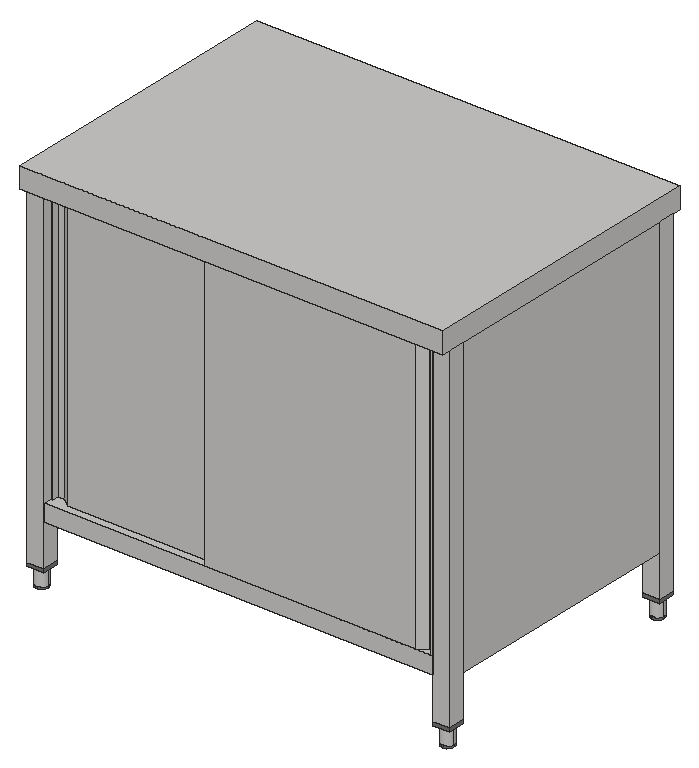
Revit family "QF_ELECTROLUXPROFESSIONAL_134027_GTN1000E", category Attrezzature speciali, Revit 2020
Family settings
  Quota connettore circolare = Usa diametro
  Tipo di parte = Normale
  Basato su piano di lavoro = No
  Sempre verticale = Sì
  Taglio con vuoti quando caricato = No
  Condiviso = No
  Punto di calcolo locali = No
Parameters (values of type "Standard")
  Weight = 56.00 kg
  Watts = 0 W
  Volts = 0 V
  URL Manufacturer = "https://www.electroluxprofessional.com/"
  URL = "https://www.electroluxprofessional.com/"
  Steam Supply Size = 0 mm
  Steam Supply Minimum Pressure = 0.0 Pa
  Steam Supply Maximum Pressure = 0.0 Pa
  Steam Consumption per Hour = 0
  Refrigeration Suction Line Size = 0.0 mm
  Refrigeration Liquid Line Size = 0.0 mm
  Refrigerant Compressor Remote = yes
  Prospetto di default = 0.0 mm
  Produttore = "Electrolux Professional"
  Phase = 0
  Modello = "GTN1000E"
  Length Actual = 1000.0 mm  # constant formula
  Item Number = "134027"
  Hot Water Size = 0 mm
  Height Actual = 900.0 mm  # constant formula
  HP = "0 HP"
  Gas Size = 0 mm
  Gas KW = 0
  Gas Input Pressure = 0 W
  Direct Waste Size = 0 mm
  Descrizione = "WORKTOP CUPBOARD 1000 MM"
  Depth Actual = 700.0 mm  # constant formula
  Cycle = 0 Hz
  Condensate Return Size = 0 mm
  Compressed Air Volume = 0.0 L/s
  Compressed Air Size = 0 mm
  Compressed Air Pressure = 0.0 Pa
  Cold Water Size = 0 mm
  Accessory = yes
Reference planes
  plane 1 "Center (Front/Back)": y = 0
  plane 2: z = 0
  plane 3 "Center (Left/Right)": x = 0
  plane 4 "LEFT": x = -500
  plane 5 "RIGHT": x = 500
  plane 6 "BACK": y = 350
  plane 7 "FRONT": y = -350
  plane 8 "Base": z = 850
  plane 9 "TOP": z = 900
  plane 10: x = -480
  plane 11: x = 480
  plane 12: y = 310
  plane 13: y = -310
  plane 14 "BodyLeft": x = -500
  plane 15 "BodyFront": y = -330
  plane 16 "BodyRight": x = 500
  plane 17 "BodyBack": y = 330
  plane 18 "FEET": z = 150
  plane 19: x = 80
  plane 20: x = -80
Forms (mm)
  Extrusion 1, solid, material "QF_Finishes_Stainless Steel"
    sketch origin (0, 0, 0) x (0, 1, 0) y (0, 0, 1)
      loop
        line (-350, 850) -> (350, 850) -> (350, 900) -> (-350, 900) -> (-350, 850)
    from 500 to -500
  Extrusion 2, solid, material "QF_Finishes_Stainless Steel"
    sketch origin (0, 0, 150) x (-1, 0, 0) y (0, -1, 0)
      loop
        line (500, -290) -> (500, 290) -> (460, 290) -> (460, -290) -> (500, -290)
      loop
        line (-460, -290) -> (-460, 290) -> (-500, 290) -> (-500, -290) -> (-460, -290)
    from 0 to 700
  Extrusion 3, solid, material "QF_Finishes_Stainless Steel"
    sketch origin (0, 0, 150) x (-1, 0, 0) y (0, -1, 0)
      loop
        line (460, -290) -> (460, 330) -> (-460, 330) -> (-460, -290) -> (460, -290)
    from 0 to 40
  Extrusion 4, solid, material "QF_Finishes_Stainless Steel"
    sketch origin (0, 0, 150) x (-1, 0, 0) y (0, -1, 0)
      loop
        line (460, -290) -> (-460, -290) -> (-460, -330) -> (460, -330) -> (460, -290)
    from 0 to 700
  Extrusion 5, solid, material "QF_Finishes_Stainless Steel"
    sketch origin (0, 0, 150) x (-1, 0, 0) y (0, -1, 0)
      loop
        line (-460, 330) -> (-460, 310) -> (80, 310) -> (80, 330) -> (-420, 330) -> (-440, 315) -> (-455, 315) -> (-455, 330) -> (-460, 330)
    from 40 to 700
  Extrusion 6, solid, material "QF_Finishes_Stainless Steel"
    sketch origin (0, 20, 150) x (1, 0, 0) y (0, 1, 0)
      loop
        line (-460, -330) -> (-455, -330) -> (-455, -315) -> (-440, -315) -> (-420, -330) -> (80, -330) -> (80, -310) -> (-460, -310) -> (-460, -330)
    from 40 to 700
  Extrusion 7, solid, material "QF_Finishes_Stainless Steel"
    sketch origin (0, 0, 150) x (-1, 0, 0) y (0, -1, 0)
      loop
        line (460, 290) -> (-460, 290) -> (-460, -290) -> (460, -290) -> (460, 290)
    from 350 to 390
Lines and regions (mm)
  symbolic lines
    curve 1: line (500, 350, 900) -> (-500, 350, 900)
    curve 2: line (-500, 350, 900) -> (-500, -350, 900)
    curve 3: line (-500, -350, 900) -> (500, -350, 900)
    curve 4: line (500, -350, 900) -> (500, 350, 900)
  symbolic lines, style "SpecialityEquipmentHiddenLines"
    curve 5: line (-500, 330, 150) -> (500, 330, 150)
    curve 6: line (-500, -330, 150) -> (-500, 330, 150)
    curve 7: line (500, -330, 150) -> (-500, -330, 150)
    curve 8: line (500, 330, 150) -> (500, -330, 150)
    curve 9: line (-460, -290, 150) -> (80, -290, 150)
    curve 10: line (80, -290, 150) -> (80, -310, 150)
    curve 11: line (-460, -310, 150) -> (460, -310, 150)
    curve 12: line (460, -310, 150) -> (460, -330, 150)
    curve 13: line (-80, -310, 150) -> (-80, -330, 150)
    curve 14: line (-460, -290, 150) -> (-460, -310, 150)
Dimensions and locks
  plane 4 "LEFT" to plane 5 "RIGHT" = 1000.0 mm
  equal spacing: plane 4 "LEFT", plane 3 "Center (Left/Right)", plane 5 "RIGHT"
  locked: plane 8 "Base" to level at 850
  plane 9 "TOP" to level = 900.0 mm
  plane 6 "BACK" to plane 7 "FRONT" = 700.0 mm
  equal spacing: plane 6 "BACK", plane 1 "Center (Front/Back)", plane 7 "FRONT"
  locked: plane 4 "LEFT" to plane 14 "BodyLeft"
  locked: plane 16 "BodyRight" to plane 5 "RIGHT"
  locked: plane 15 "BodyFront" to plane 7 "FRONT" at 20
  locked: plane 6 "BACK" to plane 17 "BodyBack" at 20
  locked: plane 14 "BodyLeft" to plane 10 at 20
  locked: plane 11 to plane 16 "BodyRight" at 20
  locked: plane 13 to plane 15 "BodyFront" at 20
  locked: plane 17 "BodyBack" to plane 12 at 20
  plane 10 to plane 11 = 960.0 mm
  plane 12 to plane 13 = 620.0 mm
  locked: plane 14 "BodyLeft" to Extrusion 2 sketch curve at 40
  Extrusion 2 sketch curve to Extrusion 2 sketch curve = 40.0 mm
  locked: plane 3 "Center (Left/Right)" to plane 19 at 80
  locked: plane 20 to plane 3 "Center (Left/Right)" at 80
  locked: plane 18 "FEET" to plane 2 at 150
  aligned and locked: level to plane 2
  aligned and locked: plane 10 to nested 1
  aligned and locked: nested 1 to plane 13
  aligned and locked: plane 11 to nested 2
  aligned and locked: nested 2 to plane 13
  aligned and locked: plane 11 to nested 4
  aligned and locked: nested 4 to plane 12
  aligned and locked: plane 10 to nested 3
  aligned and locked: nested 3 to plane 12
  aligned and locked: Extrusion 1 to plane 4 "LEFT"
  aligned and locked: plane 5 "RIGHT" to Extrusion 1
  aligned and locked: curve 2 to plane 4 "LEFT"
  aligned and locked: Extrusion 2 sketch curve to plane 14 "BodyLeft"
  aligned and locked: plane 16 "BodyRight" to Extrusion 2 sketch curve
  aligned and locked: plane 8 "Base" to Extrusion 2
  aligned and locked: plane 8 "Base" to Extrusion 5
  aligned and locked: Extrusion 5 to Extrusion 3
  aligned and locked: Extrusion 6 sketch curve to plane 19
  aligned and locked: Extrusion 5 sketch curve to plane 20
  aligned and locked: Extrusion 1 to plane 8 "Base"
  aligned and locked: plane 9 "TOP" to Extrusion 1
  aligned and locked: curve 5 to plane 17 "BodyBack"
  aligned and locked: plane 14 "BodyLeft" to curve 6
  aligned and locked: plane 15 "BodyFront" to curve 7
  aligned and locked: plane 16 "BodyRight" to curve 8
  aligned and locked: Extrusion 3 sketch curve to Extrusion 2  (x2)
  aligned and locked: Extrusion 2 to Extrusion 4 sketch curve  (x2)
  aligned and locked: curve 7 to Extrusion 3 sketch curve
  aligned and locked: Extrusion 3 sketch curve to Extrusion 4
  aligned and locked: Extrusion 4 to plane 18 "FEET"
Automatic sketch dimensions
  curve 3 to plane 7 "FRONT" = 0.0 mm
  curve 4 to plane 6 "BACK" = 0.0 mm
  Extrusion 1 sketch curve to plane 7 "FRONT" = 0.0 mm
  plane 9 "TOP" to Extrusion 1 sketch curve = 0.0 mm
  Extrusion 1 sketch curve to plane 6 "BACK" = 0.0 mm
  Extrusion 1 sketch curve to plane 8 "Base" = 0.0 mm
  Extrusion 5 sketch curve to plane 15 "BodyFront" = 0.0 mm  (x2)
  Extrusion 5 sketch curve to plane 11 = 20.0 mm
  Extrusion 5 sketch curve to Extrusion 5 sketch curve = 5.0 mm
  Extrusion 5 sketch curve to Extrusion 5 sketch curve = 15.0 mm
  Extrusion 5 sketch curve to Extrusion 5 sketch curve = 20.0 mm
  plane 15 "BodyFront" to Extrusion 5 sketch curve = 15.0 mm
  plane 15 "BodyFront" to Extrusion 5 sketch curve = 20.0 mm
  Extrusion 6 sketch curve to plane 15 "BodyFront" = 20.0 mm  (x2)
  Extrusion 6 sketch curve to plane 10 = 20.0 mm
  Extrusion 6 sketch curve to Extrusion 6 sketch curve = 5.0 mm
  Extrusion 6 sketch curve to Extrusion 6 sketch curve = 15.0 mm
  Extrusion 6 sketch curve to Extrusion 6 sketch curve = 20.0 mm  (x2)
  Extrusion 6 sketch curve to plane 15 "BodyFront" = 35.0 mm
  curve 10 to plane 19 = 0.0 mm
  curve 13 to plane 20 = 0.0 mm
  curve 11 to plane 11 = 20.0 mm
  plane 15 "BodyFront" to curve 9 = 40.0 mm
  curve 12 to curve 12 = 20.0 mm
  plane 10 to curve 14 = 20.0 mm
  Extrusion 4 sketch curve to plane 12 = 20.0 mm
  plane 13 to Extrusion 2 sketch curve = 20.0 mm  (x2)
  Extrusion 2 sketch curve to plane 12 = 20.0 mm  (x2)
  Extrusion 4 sketch curve to plane 17 "BodyBack" = 0.0 mm
  Extrusion 7 sketch curve to plane 11 = 20.0 mm
  plane 10 to Extrusion 7 sketch curve = 20.0 mm
  Extrusion 7 sketch curve to plane 12 = 20.0 mm
  plane 13 to Extrusion 7 sketch curve = 20.0 mm
  curve 4 to plane 5 "RIGHT" = 0.0 mm
Nested families
  nested 1: "FEET_40x40_APP50" at (-480, -310, 0), type "FEET_40x40_APP50"
  nested 2: "FEET_40x40_APP50" at (480, -310, 0), type "FEET_40x40_APP50"
  nested 3: "FEET_40x40_APP50" at (-480, 310, 0), type "FEET_40x40_APP50"
  nested 4: "FEET_40x40_APP50" at (480, 310, 0), type "FEET_40x40_APP50"
Definition of nested family "FEET_40x40_APP50"
  Parameters
    Default Elevation = 0.0 mm
    FEET = 850.0 mm
  Reference planes
    plane 1 "Center (Front/Back)": y = 0
    plane 2: z = 0
    plane 3 "Center (Left/Right)": x = 0
    plane 4: z = 850
  Forms (mm)
    Extrusion 1, solid
      sketch origin (0, 0, 0) x (1, 0, 0) y (0, 1, 0)
        loop
          line (-20, -20) -> (20, -20) -> (20, 20) -> (-20, 20) -> (-20, -20)
      from 50 to 850
    Extrusion 2, solid
      sketch origin (0, 0, 0) x (1, 0, 0) y (0, 1, 0)
        loop
          circle (0, 0) r 15
      from 0 to 5
    Extrusion 3, solid
      sketch origin (0, 0, 0) x (1, 0, 0) y (0, 1, 0)
        loop
          line (-20, -20) -> (20, -20) -> (20, 20) -> (-20, 20) -> (-20, -20)
      from 50 to 42
    Extrusion 4, solid
      sketch origin (0, 0, 0) x (1, 0, 0) y (0, 1, 0)
        loop
          circle (0, 0) r 15
      from 5 to 42
  Lines and regions (mm)
    symbolic lines
      curve 1: line (0, -1.503, 0) -> (0, 1.508, 0)
      curve 2: line (1.561, 0, 0) -> (-1.439, 0, 0)
  Dimensions and locks
    "FEET": plane 4 to plane 2
    aligned and locked: level to plane 2
  Automatic sketch dimensions
    plane 1 "Center (Front/Back)" to curve 2 = 0.0 mm
    curve 1 to plane 3 "Center (Left/Right)" = 0.0 mm
    curve 2 to plane 3 "Center (Left/Right)" = 1.439 mm
    plane 3 "Center (Left/Right)" to curve 2 = 1.561 mm
    plane 1 "Center (Front/Back)" to curve 1 = 1.503 mm
    curve 1 to plane 1 "Center (Front/Back)" = 1.508 mm
    Extrusion 1 sketch curve to plane 3 "Center (Left/Right)" = 20.0 mm
    plane 3 "Center (Left/Right)" to Extrusion 1 sketch curve = 20.0 mm
    plane 1 "Center (Front/Back)" to Extrusion 1 sketch curve = 20.0 mm
    Extrusion 1 sketch curve to plane 1 "Center (Front/Back)" = 20.0 mm
    plane 1 "Center (Front/Back)" to Extrusion 2 sketch curve = 0.0 mm
    Extrusion 2 sketch curve to plane 3 "Center (Left/Right)" = 0.0 mm
    Extrusion 3 sketch curve to plane 3 "Center (Left/Right)" = 20.0 mm
    plane 3 "Center (Left/Right)" to Extrusion 3 sketch curve = 20.0 mm
    plane 1 "Center (Front/Back)" to Extrusion 3 sketch curve = 20.0 mm
    Extrusion 3 sketch curve to plane 1 "Center (Front/Back)" = 20.0 mm
    plane 1 "Center (Front/Back)" to Extrusion 4 sketch curve = 0.0 mm
    Extrusion 4 sketch curve to plane 3 "Center (Left/Right)" = 0.0 mm
    radius of Extrusion 2 sketch curve = 15.0 mm
    radius of Extrusion 4 sketch curve = 15.0 mm
